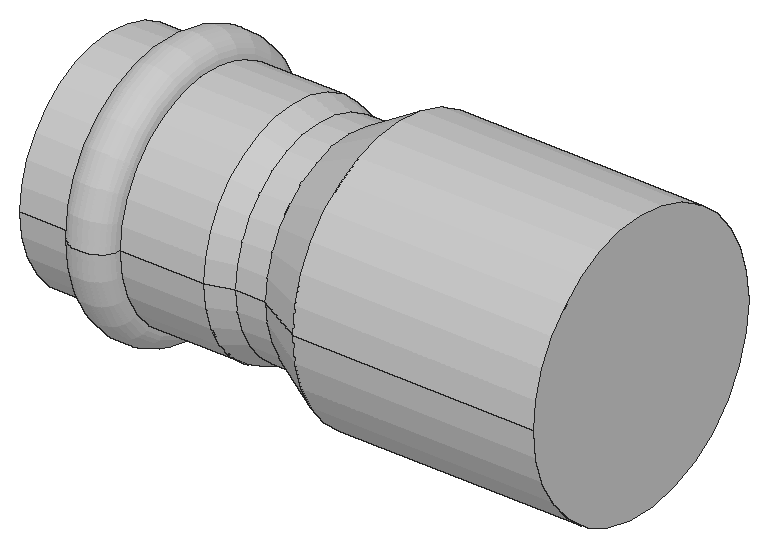
Revit family "VTi.905.I_Фитинг_Вставка переходная_Нерж_VALTEC", category Соединительные детали трубопроводов, Revit 2023
Family settings
  Размер круглого соединителя = Использовать радиус
  Тип детали = Переход
  На основе рабочей плоскости = Нет
  Всегда вертикально = Да
  При загрузке вырезать с полостями = Нет
  Общий = Нет
Parameters
  Отметка по умолчанию = 0.00 mm
  Видимость 2 [instance] = not(Видимость 1)  # yes
  Видимость 1 [instance] = dn1 > dn2  # no
  r2 [instance] = 38 mm
  r1 [instance] = 27 mm
  l7 [instance] = size_lookup(LT, "l7", 48.00 mm, dn1, dn2)  # 67.20 mm
  l6 [instance] = size_lookup(LT, "l6", 10.39 mm, dn1, dn2)  # 14.546 mm
  l5 [instance] = size_lookup(LT, "l5", 6.61 mm, dn1, dn2)  # 9.254 mm
  l4 [instance] = size_lookup(LT, "l4", 5.00 mm, dn1, dn2)  # 7.00 mm
  l3 [instance] = size_lookup(LT, "l3", 17.00 mm, dn1, dn2)  # 23.80 mm
  l2 [instance] = size_lookup(LT, "l2", 10.00 mm, dn1, dn2)  # 14.00 mm
  l1 [instance] = size_lookup(LT, "l1", 10.00 mm, dn1, dn2)  # 14.00 mm
  h_выступа [instance] = size_lookup(LT, "h_выступа", 2.50 mm, dn1, dn2)  # 5.60 mm
  dn2 [instance] = 2 * r2  # 76 mm
  dn1 [instance] = 2 * r1  # 54 mm
  d3 [instance] = size_lookup(LT, "d3", 54 mm, dn1, dn2)  # 75.6 mm
  d2 [instance] = size_lookup(LT, "d2", 42 mm, dn1, dn2)  # 58.8 mm
  d1 [instance] = size_lookup(LT, "d1", 45 mm, dn1, dn2)  # 63.364 mm
  LT = "VTi.905.I_Фитинг_Вставка переходная_Нерж_VALTEC"  # constant formula
  ADSK_Примечание [instance] = ""
  ADSK_Позиция [instance] = ""
  ADSK_Обозначение [instance] = ADSK_Марка  # "VTi.905.I.007654"
  ADSK_Наименование [instance] = size_lookup(LT, "", "Типоразмер не найден", dn1, dn2)  # "Фитинг из нержавеющей стали - вставка переходная 76х54 мм"
  ADSK_Материал = Сталь, нержавеющая - VALTEC
  ADSK_Масса [instance] = size_lookup(LT, "ADSK_Масса", 0, dn1, dn2)  # 0.285
  ADSK_Марка [instance] = size_lookup(LT, "ADSK_Марка", "Типоразмер не найден", dn1, dn2)  # "VTi.905.I.007654"
  ADSK_Количество = 1  # constant formula
  ADSK_Код изделия [instance] = "VTi.905.I"  # constant formula
  ADSK_Завод-изготовитель [instance] = "VALTEC"  # constant formula
  ADSK_Единица измерения = "шт."  # constant formula
Reference planes
  plane 1 "По центру (Вперед/Назад)": y = 0
  plane 2: z = 0
  plane 3 "По центру (Влево/Вправо)": x = 0
  plane 4: x = 67.2
  plane 5: x = 81.746
  plane 6: x = 91
  plane 7: x = 98
  plane 8: x = 121.8
  plane 9: x = 135.8
  plane 10: x = 149.8
  plane 11: y = 31.682
  plane 12: y = -31.682
  plane 13: x = 14
  plane 14: x = 28
  plane 15: x = 51.8
  plane 16: x = 58.8
  plane 17: x = 68.054
  plane 18: x = 82.6
  plane 19: x = 149.8
Forms (mm)
  Sweep 1, solid, material "Сталь, нержавеющая - VALTEC" <- "ADSK_Материал", visible <- "Видимость 1"
    path in 3D
      loop
        line (0, 0, 0) -> (67.2, 0, 0)
    profile origin (33.6, 0, 0) x (0, 1, 0) y (0, 0, 1)
      loop
        circle (0, 0) r 37.8
  SweptBlend 2, solid, material "Сталь, нержавеющая - VALTEC" <- "ADSK_Материал", visible <- "Видимость 1"
    path in 3D
      loop
        line (67.2, 0, 0) -> (81.746, 0, 0)
    profile origin (67.2, 0, 0) x (0, 1, 0) y (0, 0, 1)
      loop
        circle (0, 0) r 37.8
    end profile origin (81.746, 0, 0) x (0, 1, 0) y (0, 0, 1)
      loop
        circle (0, 0) r 29.4
  Revolve 3, solid, material "Сталь, нержавеющая - VALTEC" <- "ADSK_Материал", visible <- "Видимость 1"
    sketch origin (0, 0, 0) x (1, 0, 0) y (0, 1, 0)
      loop
        line (98, 0) -> (149.8, 0) -> (149.8, 31.682) -> (135.8, 31.682)
        spline (135.8, 31.682) -> (135.561, 33.131) -> (134.862, 34.482) -> (133.75, 35.642) -> (132.3, 36.532) -> (130.612, 37.091) -> (128.8, 37.282) -> (126.988, 37.091) -> (125.3, 36.532) -> (123.85, 35.642) -> (122.738, 34.482) -> (122.039, 33.131) -> (121.8, 31.682)
        line (121.8, 31.682) -> (98, 31.682) -> (98, 0)
      axis (98, 0) -> (149.8, 0)
    angle from 0 to 360
  SweptBlend 4, solid, material "Сталь, нержавеющая - VALTEC" <- "ADSK_Материал", visible <- "Видимость 1"
    path in 3D
      loop
        line (91, 0, 0) -> (98, 0, 0)
    profile origin (91, 0, 0) x (0, 1, 0) y (0, 0, 1)
      loop
        circle (0, 0) r 29.4
    end profile origin (98, 0, 0) x (0, 1, 0) y (0, 0, 1)
      loop
        circle (0, 0) r 31.682
  Sweep 5, solid, material "Сталь, нержавеющая - VALTEC" <- "ADSK_Материал", visible <- "Видимость 1"
    path in 3D
      loop
        line (81.746, 0, 0) -> (91, 0, 0)
    profile origin (86.373, 0, 0) x (0, 1, 0) y (0, 0, 1)
      loop
        circle (0, 0) r 29.4
  Revolve 6, solid, material "Сталь, нержавеющая - VALTEC" <- "ADSK_Материал", visible <- "Видимость 2"
    sketch origin (0, 0, 0) x (1, 0, 0) y (0, 1, 0)
      loop
        line (0, 0) -> (51.8, 0) -> (51.8, 31.682) -> (28, 31.682)
        spline (28, 31.682) -> (27.761, 33.131) -> (27.062, 34.482) -> (25.95, 35.642) -> (24.5, 36.532) -> (22.812, 37.091) -> (21, 37.282) -> (19.188, 37.091) -> (17.5, 36.532) -> (16.05, 35.642) -> (14.938, 34.482) -> (14.239, 33.131) -> (14, 31.682)
        line (14, 31.682) -> (0, 31.682) -> (0, 0)
      axis (0, 0) -> (51.8, 0)
    angle from 0 to 360
  SweptBlend 7, solid, material "Сталь, нержавеющая - VALTEC" <- "ADSK_Материал", visible <- "Видимость 2"
    path in 3D
      loop
        line (51.8, 0, 0) -> (58.8, 0, 0)
    profile origin (51.8, 0, 0) x (0, 1, 0) y (0, 0, 1)
      loop
        circle (0, 0) r 31.682
    end profile origin (58.8, 0, 0) x (0, 1, 0) y (0, 0, 1)
      loop
        circle (0, 0) r 29.4
  Sweep 8, solid, material "Сталь, нержавеющая - VALTEC" <- "ADSK_Материал", visible <- "Видимость 2"
    path in 3D
      loop
        line (58.8, 0, 0) -> (67.2, 0, 0)
    profile origin (63, 0, 0) x (0, 1, 0) y (0, 0, 1)
      loop
        circle (0, 0) r 29.4
  Sweep 9, solid, material "Сталь, нержавеющая - VALTEC" <- "ADSK_Материал", visible <- "Видимость 2"
    path in 3D
      loop
        line (81.746, 0, 0) -> (149.8, 0, 0)
    profile origin (115.773, 0, 0) x (0, 1, 0) y (0, 0, 1)
      loop
        circle (0, 0) r 37.8
  SweptBlend 10, solid, material "Сталь, нержавеющая - VALTEC" <- "ADSK_Материал", visible <- "Видимость 2"
    path in 3D
      loop
        line (67.2, 0, 0) -> (81.746, 0, 0)
    profile origin (67.2, 0, 0) x (0, 1, 0) y (0, 0, 1)
      loop
        circle (0, 0) r 29.4
    end profile origin (81.746, 0, 0) x (0, 1, 0) y (0, 0, 1)
      loop
        circle (0, 0) r 37.8
Cuts and joins
  joined: Sweep 1, SweptBlend 2, Revolve 3, SweptBlend 4, Sweep 5
  joined: Revolve 6, SweptBlend 7, Sweep 8, Sweep 9, SweptBlend 10
Lines and regions (mm)
  model lines, visible <- "Видимость 1"
    curve 1: line (0, 0, 0) -> (67.2, 0, 0)
    curve 2: line (67.2, 0, 0) -> (81.746, 0, 0)
    curve 5: line (98, 0, 0) -> (149.8, 0, 0)
    curve 6: line (91, 0, 0) -> (98, 0, 0)
    curve 7: line (81.746, 0, 0) -> (91, 0, 0)
  sketch lines
    curve 3: line (0, 0, 0) -> (67.2, 0, 0)
    curve 4: line (67.2, 0, 0) -> (81.746, 0, 0)
    curve 8: line (91, 0, 0) -> (98, 0, 0)
    curve 9: line (81.746, 0, 0) -> (91, 0, 0)
    curve 15: line (51.8, 0, 0) -> (58.8, 0, 0)
    curve 16: line (58.8, 0, 0) -> (67.2, 0, 0)
    curve 17: line (81.746, 0, 0) -> (149.8, 0, 0)
    curve 18: line (67.2, 0, 0) -> (81.746, 0, 0)
  model lines
    curve 10: line (0, 0, 0) -> (51.8, 0, 0)
    curve 11: line (58.8, 0, 0) -> (67.2, 0, 0)
    curve 12: line (51.8, 0, 0) -> (58.8, 0, 0)
    curve 13: line (67.2, 0, 0) -> (81.746, 0, 0)
    curve 14: line (81.746, 0, 0) -> (149.8, 0, 0)
Dimensions and locks
  "l7": plane 3 "По центру (Влево/Вправо)" to plane 4
  "l6": plane 4 to plane 5
  "l1": plane 9 to plane 10
  "l2": plane 8 to plane 9
  "l3": plane 7 to plane 8
  "l4": plane 6 to plane 7
  "l5": plane 5 to plane 6
  equal spacing: plane 12, plane 1 "По центру (Вперед/Назад)", plane 11
  "d1": plane 12 to plane 11
  "h_выступа": Revolve 3 sketch curve to Revolve 3 sketch curve
  "l1": plane 3 "По центру (Влево/Вправо)" to plane 13
  "l2": plane 13 to plane 14
  "l3": plane 14 to plane 15
  "l4": plane 15 to plane 16
  "l5": plane 16 to plane 17
  "l6": plane 17 to plane 18
  "l7": plane 18 to plane 19
  "h_выступа": Revolve 6 sketch curve to Revolve 6 sketch curve
  "d3": diameter of Sweep 1 sketch curve
  "d3": diameter of SweptBlend 2 sketch curve
  "d2": diameter of SweptBlend 2 sketch curve
  "d2": diameter of SweptBlend 4 sketch curve
  "d1": diameter of SweptBlend 4 sketch curve
  "d2": diameter of Sweep 5 sketch curve
  "d1": diameter of SweptBlend 7 sketch curve
  "d2": diameter of SweptBlend 7 sketch curve
  "d2": diameter of Sweep 8 sketch curve
  "d3": diameter of Sweep 9 sketch curve
  "d2": diameter of SweptBlend 10 sketch curve
  "d3": diameter of SweptBlend 10 sketch curve
  aligned and locked: level to plane 2
  aligned and locked: plane 3 "По центру (Влево/Вправо)" to curve 1
  aligned and locked: plane 4 to curve 1
  aligned and locked: plane 1 "По центру (Вперед/Назад)" to curve 1
  aligned and locked: plane 1 "По центру (Вперед/Назад)" to curve 2
  aligned and locked: plane 7 to curve 5
  aligned and locked: plane 10 to curve 5
  aligned and locked: plane 6 to curve 6
  aligned and locked: plane 5 to curve 7
  aligned and locked: plane 1 "По центру (Вперед/Назад)" to curve 5
  aligned and locked: plane 1 "По центру (Вперед/Назад)" to curve 6
  aligned and locked: plane 1 "По центру (Вперед/Назад)" to curve 7
  aligned and locked: Revolve 3 sketch curve to curve 5
  aligned and locked: Revolve 3 sketch curve to plane 11  (x2)
  aligned and locked: Revolve 3 sketch curve to plane 7
  aligned and locked: plane 10 to Revolve 3 sketch curve
  aligned and locked: Revolve 3 sketch curve to plane 1 "По центру (Вперед/Назад)"
  aligned and locked: plane 3 "По центру (Влево/Вправо)" to curve 10
  aligned and locked: plane 15 to curve 12
  aligned and locked: plane 16 to curve 12
  aligned and locked: plane 19 to curve 14
  aligned and locked: plane 1 "По центру (Вперед/Назад)" to curve 10
  aligned and locked: plane 1 "По центру (Вперед/Назад)" to curve 12
  aligned and locked: plane 1 "По центру (Вперед/Назад)" to curve 11
  aligned and locked: Revolve 6 sketch curve to curve 10
  aligned and locked: Revolve 6 sketch curve to plane 11  (x2)
  aligned and locked: Revolve 6 sketch curve to plane 15
  aligned and locked: plane 3 "По центру (Влево/Вправо)" to Revolve 6 sketch curve
  aligned and locked: Revolve 6 sketch curve to plane 1 "По центру (Вперед/Назад)"
Automatic sketch dimensions
  Sweep 1 sketch curve to profile plane = 0.00 mm  (x2)
  SweptBlend 2 sketch curve to profile plane = 0.00 mm  (x4)
  Revolve 3 sketch curve to plane 7 = 0.00 mm
  Revolve 3 sketch curve to plane 8 = 0.00 mm
  Revolve 3 sketch curve to plane 9 = 0.00 mm
  Revolve 3 sketch curve to plane 10 = 0.00 mm
  SweptBlend 4 sketch curve to profile plane = 0.00 mm  (x4)
  Sweep 5 sketch curve to profile plane = 0.00 mm  (x2)
  Revolve 6 sketch curve to plane 3 "По центру (Влево/Вправо)" = 0.00 mm
  Revolve 6 sketch curve to plane 13 = 0.00 mm
  Revolve 6 sketch curve to plane 14 = 0.00 mm
  Revolve 6 sketch curve to plane 15 = 0.00 mm
  SweptBlend 7 sketch curve to profile plane = 0.00 mm  (x4)
  Sweep 8 sketch curve to profile plane = 0.00 mm  (x2)
  Sweep 9 sketch curve to profile plane = 0.00 mm  (x2)
  SweptBlend 10 sketch curve to profile plane = 0.00 mm  (x4)
Connectors
  piping at (0, 0, 0), diameter 54, driven by "r1"
    settings: on Sweep 1, index 1, connector inside diameter 609.6 mm, connector length 0.00 mm, flow factor 0, pipe flow 0.0 L/s, pressure drop 0.0 Pa, fitting loss kfactor 0, connector angle 0.00°, fixture units 0, engagement length 0.00 mm, angle of deflection 0.00°, flow configuration 0, flow direction 0, fitting loss method 0, system type 28, joint type 0, gender type 0, connector reference index 2, connector utility 0, adjustable connector no, is connector primary yes, connector description ""
  piping at (149.8, 0, 0), diameter 76, driven by "r2"
    settings: on cut or joined group of Sweep 1, SweptBlend 2, Revolve 3, SweptBlend 4, Sweep 5, index 2, connector inside diameter 609.6 mm, connector length 0.00 mm, flow factor 0, pipe flow 0.0 L/s, pressure drop 0.0 Pa, fitting loss kfactor 0, connector angle 0.00°, fixture units 0, engagement length 0.00 mm, angle of deflection 0.00°, flow configuration 0, flow direction 0, fitting loss method 0, system type 28, joint type 0, gender type 0, connector reference index 1, connector utility 0, adjustable connector no, is connector primary no, connector description ""
Types in the file's own list only (14): name | Отметка по умолчанию
  Фитинг из нержавеющей стали - вставка переходная 18х15 мм | 0.00 мм
  Фитинг из нержавеющей стали - вставка переходная 22х15 мм | 0.00 мм
  Фитинг из нержавеющей стали - вставка переходная 22х18 мм | 0.00 мм
  Фитинг из нержавеющей стали - вставка переходная 28х15 мм | 0.00 мм
  Фитинг из нержавеющей стали - вставка переходная 28х18 мм | 0.00 мм
  Фитинг из нержавеющей стали - вставка переходная 28х22 мм | 0.00 мм
  Фитинг из нержавеющей стали - вставка переходная 35х15 мм | 0.00 мм
  Фитинг из нержавеющей стали - вставка переходная 35х18 мм | 0.00 мм
  Фитинг из нержавеющей стали - вставка переходная 35х22 мм | 0.00 мм
  Фитинг из нержавеющей стали - вставка переходная 35х28 мм | 0.00 мм
  Фитинг из нержавеющей стали - вставка переходная 42х22 мм | 0.00 мм
  Фитинг из нержавеющей стали - вставка переходная 42х28 мм | 0.00 мм
  Фитинг из нержавеющей стали - вставка переходная 42х35 мм | 0.00 мм
  Фитинг из нержавеющей стали - вставка переходная 54х28 мм | 0.00 мм
